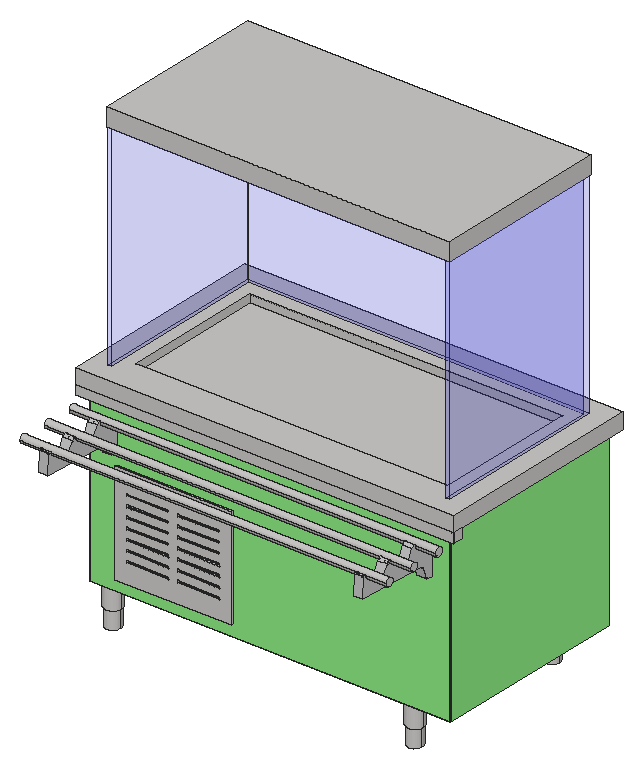
Revit family "QF_BOURGEAT_3GN_et4GN_vitrine_refrigeree_3nv", category Equipement spécialisé, Revit 2015
Parameters (values of type "3GN_reserve_cuve_30")
  reserve = yes
  lg_vitrine = Longueur hors tout - 135 mm  # 1330 mm
  lg_porte_groupe_froid = 569 mm
  lg_etageres = Longueur hors tout - 237 mm - 687 mm  # 541 mm
  cuve_plate = yes
  URL catalogue = "http://www.bourgeat.fr/fr/"
  URL = ""
  Type de Raccord Electrique = ""
  Type article = ""
  Type Fluide Frigorigène = "R404a"
  Tension = 230 V
  Spécification du Fabricant = "vitrine réfrigérée 3 niveaux OASIS"
  Roues = no
  Remarques Electricité = ""
  Puissance électrique  = 2200 W
  Puissance frigorifique = "1440W"
  Profondeur hors tout = 820 mm
  Poids net à vide = 315.00 kg
  Pieds = yes
  Phase = 2
  profondeur_cuve = 30 mm
  Niveau Sonore = "60dBa"
  Nature isolant = "polyurethane"
  Modèle = "853603"
  Longueur hors tout = 1465 mm
  Intensité nominale = 10 A
  Indice de protection = "21"
  Hauteur hors tout = 1800 mm
  Fréquence = 50 Hz
  Fabricant = "BOURGEAT"
  Etageres = no
  Contact SAV = "0033(0)4.76.32.14.44"
  Classe Climatique = "3"
  Charge_gaz = ""
  Charge max = 200.00 kg
  Certification = "NF alimentaire"
Reference planes
  plane 1 "Centre (avant/arrière)": y = 0
  plane 2: z = 0
  plane 3 "Centre (gauche/droite)": x = 0
  plane 4: z = 640
  plane 5: x = -100
  plane 6: y = 715
  plane 7: y = 50
  plane 8: z = 515
  plane 9: z = 235
  plane 10: z = 250
  plane 11: z = 808
  plane 12: y = 535.5
Forms (mm)
  Extrusion 1, solid
    sketch origin (0, 0, 0) x (1, 0, 0) y (0, 1, 0)
      loop
        circle (-1250.5, 535.5) r 10
    from 156.572 to 160
Lines and regions (mm)
  symbolic lines
    curve 1: line (-126.5, 818, 0) -> (-126.5, 1554, 0)
    curve 2: arc (-862.5, 818, 0) -> (-646.931, 1338.431, 0) -> (-126.5, 1554, 0) r 736
Dimensions and locks
  plane 4 to plane 2 = 640 mm
  locked: nested 1 to plane 6 at 50
  locked: nested 1 to plane 7 at 50
  locked: plane 5 to plane 3 "Centre (gauche/droite)" at 100
  locked: plane 9 to plane 2 at 235
  locked: plane 8 to plane 2 at 515
  locked: plane 10 to plane 2 at 250
  locked: plane 11 to nested 3 at 32
  locked: nested 1 to nested 9 at 63
  locked: nested 10 to nested 9 at 50
  locked: nested 15 to plane 2 at 205
  locked: nested 3 to plane 12 at 257
  nested 1 to nested 15 = 25 mm
  locked: nested 1 to nested 15 at 25
  aligned and locked: level to plane 2
  aligned and locked: nested 1 to nested 2
  aligned and locked: nested 2 to nested 1
  aligned and locked: nested 3 to nested 1
  aligned and locked: nested 1 to nested 3
  aligned and locked: plane 1 "Centre (avant/arrière)" to nested 1
  aligned and locked: nested 3 to nested 2
  aligned and locked: nested 2 to nested 4
  aligned and locked: nested 4 to nested 1
  aligned and locked: nested 5 to plane 2
  aligned and locked: nested 6 to plane 2
  aligned and locked: nested 7 to plane 2
  aligned and locked: nested 8 to plane 2
  aligned and locked: plane 4 to nested 4
  aligned and locked: nested 2 to nested 3
  aligned and locked: nested 5 to plane 6
  aligned and locked: nested 6 to plane 7
  aligned and locked: nested 7 to plane 6
  aligned and locked: plane 5 to nested 7
  aligned and locked: plane 5 to nested 8
  aligned and locked: nested 8 to plane 7
  aligned and locked: nested 4 to plane 1 "Centre (avant/arrière)"
  aligned and locked: nested 2 to nested 5
  aligned and locked: nested 6 to nested 2
  aligned and locked: plane 11 to nested 9
  aligned and locked: nested 1 to nested 9
  aligned and locked: nested 10 to nested 9
  aligned and locked: nested 13 to nested 5
  aligned and locked: nested 6 to nested 13
  aligned and locked: nested 5 to nested 14  (x2)
  aligned and locked: nested 8 to nested 12  (x2)
  aligned and locked: nested 7 to nested 11  (x2)
  aligned and locked: nested 15 to nested 1
  aligned and locked: plane 12 to Extrusion 1 sketch curve
  aligned and locked: nested 1 to Extrusion 1 sketch curve
  aligned and locked: nested 16 to nested 4
  aligned and locked: nested 1 to nested 16
  aligned and locked: nested 15 to nested 16
  aligned and locked: nested 18 to nested 1  (x2)
  aligned and locked: nested 17 to nested 18
  aligned and locked: nested 17 to plane 8
  aligned and locked: nested 18 to plane 10
  aligned and locked: nested 1 to nested 17
  aligned and locked: nested 19 to nested 1  (x3)
Nested families
  nested 1: "corps_meuble" at (76.5, 0, 160), type "corps_meuble"
  nested 2: "Ensemble_vitrine" at (-622, 382.5, 900), type "Ensemble_vitrine"
  nested 3: "cuve" at (-622, 382.5, 808), type "cuve_air"
    with profondeur_cuve 30 mm, lg_cuve 1465 mm
  nested 4: "barre_et_console" at (-622, 0, 465) x (-1, 0, 0) z (0, 0, 1), type "barre_et_console"
  nested 5: "pied" at (-1271, 715, 0), visible <- "Pieds", type "pied"
  nested 6: "pied" at (-1271, 50, 0), visible <- "Pieds", type "pied"
  nested 7: "pied" at (-100, 715, 0), visible <- "Pieds", type "pied"
  nested 8: "pied" at (-100, 50, 0), visible <- "Pieds", type "pied"
  nested 9: "IHM" at (-1163, 765, 770) x (-1, 0, 0) z (0, 0, 1), type "IHM"
  nested 10: "IHM" at (-924, 765, 770) x (-1, 0, 0) z (0, 0, 1), visible <- "reserve", type "IHM"
  nested 11: "roue_ht160" at (-100, 715, 0), visible <- "Roues", type "roue_ht160"
    with Sans frein yes, Avec frein no
  nested 12: "roue_ht160" at (-100, 50, 0), visible <- "Roues", type "roue_ht160"
    with Sans frein yes, Avec frein yes
  nested 13: "roue_ht160" at (-1271, 50, 0), visible <- "Roues", type "roue_ht160"
    with Sans frein yes, Avec frein yes
  nested 14: "roue_ht160" at (-1271, 715, 0), visible <- "Roues", type "roue_ht160"
    with Sans frein yes, Avec frein no
  nested 15: "porte_groupe_froid" at (-1011, 775, 35), type "lg790"
    with lg_porte_groupe_froid 569 mm
  nested 16: "grille_condenseur" at (-989.5, 0, -11), type "grille_condenseur"
  nested 17: "etagere" at (-397, 80, 477) x (-1, 0, 0) z (0, 0, 1), type "etagere"
    with lg_etagere 541 mm
  nested 18: "etagere" at (-397, 80, 212) x (-1, 0, 0) z (0, 0, 1), type "etagere"
    with lg_etagere 541 mm
  nested 19: "porte_simple" at (-397, 818, 14), visible <- "reserve", type "porte_simple"
    with lg_porte 541 mm
Connectors
  electrical at (-1250.5, 535.5, 156.572), driven by "Tension"
    settings: on Extrusion 1, index 1, voltage 230 V, apparent load 0 VA, apparent load phase1 2300 VA, apparent load phase2 0 VA, apparent load phase3 0 VA, power factor 1, load classification "Autre", number of poles 2, system type 30, power factor state 1, is connector primary yes, connector utility no, sub classification motor no, connector description ""
Definition of nested family "corps_meuble"
  Parameters (values of type "corps_meuble")
    lg_ouverture_cuve = lg_meuble - 200 mm  # 1197 mm
    lg_meuble = Largeur_hors_tout - 68 mm  # 1397 mm
    larg_etagere = lg_meuble - 653 mm - 203 mm  # 541 mm
    Largeur_hors_tout = 1465 mm
  Reference planes
    plane 1 "Centre (avant/arrière)": y = 0
    plane 2: z = 0
    plane 3 "Centre (gauche/droite)": x = 0
    plane 4: z = 680
    plane 5: x = -698.5
    plane 6: x = 0
    plane 7: x = -1397
    plane 8: x = -1327
    plane 9: x = -70
    plane 10: x = -744
    plane 11: x = -203
    plane 12: y = 382.5
    plane 13: x = -1398
    plane 14: y = -1
    plane 15: x = 1
  Forms (mm)
    Extrusion 1, solid
      sketch origin (0, -50.814, 0) x (1, 0, 0) y (0, 1, 0)
        loop
          line (-1397, 815.814) -> (-1397, 50.814) -> (0, 50.814) -> (0, 815.814) -> (-203, 815.814) -> (-203, 130.814) -> (-744, 130.814) -> (-744, 815.814) -> (-1397, 815.814)
      from 0 to 680
    Extrusion 2, void
      sketch origin (0, 0, 0) x (1, 0, 0) y (0, 1, 0)
        loop
          line (-1327, 739.99) -> (-1327, 59.99) -> (-70, 59.99) -> (-70, 739.99) -> (-1327, 739.99)
      from 611.642 to 680
    Extrusion 3, solid
      sketch origin (0, 0, 0) x (1, 0, 0) y (0, 1, 0)
        loop
          line (1, -1) -> (1, 0) -> (-1398, 0) -> (-1398, -1) -> (1, -1)
      from 0 to 680
    Extrusion 4, solid
      sketch origin (0, 0, 0) x (1, 0, 0) y (0, 1, 0)
        loop
          line (-1397, 765) -> (-1398, 765) -> (-1398, 0) -> (-1397, 0) -> (-1397, 765)
        loop
          line (0, 765) -> (0, 0) -> (1, 0) -> (1, 765) -> (0, 765)
      from 0 to 680
  Cuts and joins
    Extrusion 2 cuts Extrusion 1
  Dimensions and locks
    locked: plane 4 to plane 2 at 680
    locked: plane 7 to plane 8 at 70
    "lg_meuble": plane 7 to plane 3 "Centre (gauche/droite)"
    equal spacing: plane 7, plane 5, plane 3 "Centre (gauche/droite)"
    locked: plane 11 to plane 3 "Centre (gauche/droite)" at 203
    locked: plane 9 to plane 3 "Centre (gauche/droite)" at 70
    "larg_etagere": plane 10 to plane 11
    plane 7 to plane 10 = 653 mm
    locked: plane 13 to plane 7 at 1
    aligned and locked: level to plane 2
    aligned and locked: Extrusion 1 sketch curve to Extrusion 1 sketch curve
    aligned and locked: plane 4 to Extrusion 1
    aligned and locked: plane 3 "Centre (gauche/droite)" to plane 6
    aligned and locked: plane 9 to Extrusion 2
    aligned and locked: plane 3 "Centre (gauche/droite)" to cut or joined group of Extrusion 1, Extrusion 2
    aligned and locked: cut or joined group of Extrusion 1, Extrusion 2 to plane 7
    aligned and locked: cut or joined group of Extrusion 1, Extrusion 2 to plane 8
    aligned and locked: plane 10 to cut or joined group of Extrusion 1, Extrusion 2
    aligned and locked: cut or joined group of Extrusion 1, Extrusion 2 to plane 11
    aligned and locked: nested 1 to cut or joined group of Extrusion 1, Extrusion 2
    aligned and locked: plane 11 to nested 1
    aligned and locked: plane 4 to nested 1
    aligned and locked: plane 14 to Extrusion 3 sketch curve
    aligned and locked: Extrusion 3 sketch curve to cut or joined group of Extrusion 1, Extrusion 2
    aligned and locked: cut or joined group of Extrusion 1, Extrusion 2 to Extrusion 3
    aligned and locked: Extrusion 3 to cut or joined group of Extrusion 1, Extrusion 2
    aligned and locked: plane 15 to Extrusion 3 sketch curve
    aligned and locked: Extrusion 3 sketch curve to plane 13
    aligned and locked: Extrusion 4 sketch curve to cut or joined group of Extrusion 1, Extrusion 2  (x3)
    aligned and locked: Extrusion 4 sketch curve to Extrusion 3  (x4)
    aligned and locked: cut or joined group of Extrusion 1, Extrusion 2 to Extrusion 4 sketch curve
    aligned and locked: plane 7 to Extrusion 4  (x2)
  Automatic sketch dimensions
    Extrusion 1 sketch curve to plane 1 "Centre (avant/arrière)" = 0 mm
    Extrusion 1 sketch curve to Extrusion 1 sketch curve = 685 mm
    Extrusion 1 sketch curve to plane 3 "Centre (gauche/droite)" = 0 mm
    Extrusion 1 sketch curve to plane 5 = 45.5 mm
    Extrusion 1 sketch curve to plane 5 = 698.5 mm
    Extrusion 1 sketch curve to plane 1 "Centre (avant/arrière)" = 80 mm
    Extrusion 1 sketch curve to Extrusion 1 sketch curve = 765 mm
    Extrusion 1 sketch curve to plane 9 = 133 mm
    Extrusion 2 sketch curve to plane 8 = 0 mm
    Extrusion 2 sketch curve to plane 9 = 0 mm
    Extrusion 2 sketch curve to plane 1 "Centre (avant/arrière)" = 59.99 mm
    plane 12 to Extrusion 2 sketch curve = 357.49 mm
  Nested families
    nested 1: "bandeau_h228" at (-473.5, 760, 597), type "bandeau_h228"
  Definition of nested family "bandeau_h228"
    Parameters (values of type "bandeau_h228")
      lg_bandeau = 541 mm
    Reference planes
      plane 1 "Centre (avant/arrière)": y = 0
      plane 2: z = 0
      plane 3 "Centre (gauche/droite)": x = 0
      plane 4: x = -270.5
      plane 5: x = 270.5
      plane 6: y = 5
      plane 7: z = 83
    Forms (mm)
      Extrusion 1, solid
        sketch origin (476, 10, 0) x (1, 0, 0) y (0, 1, 0)
          loop
            line (-746.5, -10) -> (-205.5, -10) -> (-205.5, -5) -> (-746.5, -5) -> (-746.5, -10)
        from 0 to 83
    Dimensions and locks
      locked: plane 7 to plane 2 at 83
      locked: plane 1 "Centre (avant/arrière)" to plane 6 at 5
      "lg_bandeau": plane 4 to plane 5
      equal spacing: plane 4, plane 3 "Centre (gauche/droite)", plane 5
      aligned and locked: level to plane 2
      aligned and locked: Extrusion 1 to plane 4
      aligned and locked: plane 5 to Extrusion 1
      aligned and locked: Extrusion 1 to plane 6
      aligned and locked: plane 7 to Extrusion 1
      aligned and locked: plane 1 "Centre (avant/arrière)" to Extrusion 1
    Automatic sketch dimensions
      Extrusion 1 sketch curve to plane 4 = 0 mm
      Extrusion 1 sketch curve to plane 5 = 0 mm
      plane 1 "Centre (avant/arrière)" to Extrusion 1 sketch curve = 0 mm
      Extrusion 1 sketch curve to plane 6 = 0 mm
Definition of nested family "Ensemble_vitrine"
  Parameters (values of type "Ensemble_vitrine")
    lg_vitrine = lg_dessus_vitrine - 4 mm  # 1326 mm
    lg_dessus_vitrine = 1330 mm
  Reference planes
    plane 1 "Centre (avant/arrière)": y = 0
    plane 2: z = 0
    plane 3 "Centre (gauche/droite)": x = 0
    plane 4: x = 665
    plane 5: x = -665
    plane 6: z = 900
  Dimensions and locks
    "lg_dessus_vitrine": plane 5 to plane 4
    equal spacing: plane 5, plane 3 "Centre (gauche/droite)", plane 4
    plane 6 to plane 2 = 900 mm
    aligned and locked: level to plane 2
    aligned and locked: plane 3 "Centre (gauche/droite)" to nested 1
    aligned and locked: plane 3 "Centre (gauche/droite)" to nested 2
    aligned and locked: nested 2 to nested 1
    aligned and locked: nested 1 to plane 2
    aligned and locked: plane 6 to nested 2
  Nested families
    nested 1: "Vitrine" at (0, 0, 0), type "Vitrine"
      with lg_vitrine 1326 mm
    nested 2: "Dessus" at (0, 0, 830), type "Dessus"
  Definition of nested family "Vitrine"
    Parameters (values of type "Vitrine")
      lg_vitrine = 2496 mm
    Reference planes
      plane 1 "Centre (avant/arrière)": y = 0
      plane 2: z = 0
      plane 3 "Centre (gauche/droite)": x = 0
      plane 4: y = 340
      plane 5: y = -340
      plane 6: x = 1248
      plane 7: x = -1248
      plane 8: x = 1234
      plane 9: x = -1234
      plane 10: y = 326
      plane 11: z = 830
    Forms (mm)
      Extrusion 1, solid
        sketch origin (0, 0, 0) x (1, 0, 0) y (0, 1, 0)
          loop
            line (-1234, -340) -> (-1234, 326) -> (1234, 326) -> (1234, -340) -> (1248, -340) -> (1248, 340) -> (-1248, 340) -> (-1248, -340) -> (-1234, -340)
        from 0 to 830
    Dimensions and locks
      locked: plane 7 to plane 9 at 14
      locked: plane 4 to plane 10 at 14
      locked: plane 8 to plane 6 at 14
      equal spacing: plane 7, plane 3 "Centre (gauche/droite)", plane 6
      "lg_vitrine": plane 7 to plane 6
      equal spacing: plane 4, plane 1 "Centre (avant/arrière)", plane 5
      plane 4 to plane 5 = 680 mm
      plane 11 to plane 2 = 830 mm
      aligned and locked: level to plane 2
      aligned and locked: plane 9 to Extrusion 1 sketch curve  (x2)
      aligned and locked: Extrusion 1 sketch curve to plane 5  (x2)
      aligned and locked: Extrusion 1 sketch curve to plane 7
      aligned and locked: Extrusion 1 sketch curve to plane 4
      aligned and locked: Extrusion 1 sketch curve to plane 6
      aligned and locked: plane 8 to Extrusion 1 sketch curve
      aligned and locked: Extrusion 1 sketch curve to plane 10
      aligned and locked: plane 11 to Extrusion 1
  Definition of nested family "Dessus"
    Parameters (values of type "Dessus")
      lg_dessus_vitrine = 1330 mm
    Reference planes
      plane 1 "Centre (avant/arrière)": y = 0
      plane 2: z = 0
      plane 3 "Centre (gauche/droite)": x = 0
      plane 4: x = 665
      plane 5: x = -665
      plane 6: z = 70
    Forms (mm)
      Extrusion 1, solid
        sketch origin (0, 0, 0) x (1, 0, 0) y (0, 1, 0)
          loop
            line (-665, 342.5) -> (-665, -342.5) -> (665, -342.5) -> (665, 342.5) -> (-665, 342.5)
        from 0 to 70
    Dimensions and locks
      equal spacing: plane 5, plane 3 "Centre (gauche/droite)", plane 4
      plane 6 to plane 2 = 70 mm
      "lg_dessus_vitrine": plane 5 to plane 4
      aligned and locked: level to plane 2
      aligned and locked: plane 6 to Extrusion 1
    Automatic sketch dimensions
      Extrusion 1 sketch curve to plane 5 = 0 mm
      Extrusion 1 sketch curve to plane 4 = 0 mm
      Extrusion 1 sketch curve to plane 1 "Centre (avant/arrière)" = 342.5 mm
      plane 1 "Centre (avant/arrière)" to Extrusion 1 sketch curve = 342.5 mm
Definition of nested family "cuve"
  Parameters (values of type "cuve_30")
    profondeur_cuve = 90 mm
    lg_cuve = 2184 mm
  Reference planes
    plane 1 "Centre (avant/arrière)": y = 0
    plane 2: z = 0
    plane 3 "Centre (gauche/droite)": x = 0
    plane 4: y = 410
    plane 5: y = -410
    plane 6: x = -1092
    plane 7: x = 1092
    plane 8: z = 92
    plane 9: y = 277
    plane 10: y = -277
    plane 11: x = 965
    plane 12: x = -965
    plane 13: z = 2
    plane 14: y = -279
    plane 15: x = -967
    plane 16: y = 279
    plane 17: x = 967
    plane 18: z = 32
    plane 19: y = -408
    plane 20: z = 82
    plane 21: z = -4
  Forms (mm)
    Extrusion 1, solid
      sketch origin (12, -10, 0) x (1, 0, 0) y (0, 1, 0)
        loop
          line (-1104, 420) -> (-1104, -400) -> (1080, -400) -> (1080, 420) -> (-1104, 420)
      from 0 to 92
    Extrusion 2, void
      sketch origin (0, 0, 0) x (1, 0, 0) y (0, 1, 0)
        loop
          line (-965, 277) -> (-965, -277) -> (965, -277) -> (965, 277) -> (-965, 277)
      from 2 to 250
    Extrusion 3, void
      sketch origin (0, 0, 0) x (1, 0, 0) y (0, 1, 0)
        loop
          line (-967, 279) -> (-967, -279) -> (967, -279) -> (967, 279) -> (-967, 279)
        loop
          line (-1162, 480) -> (-1162, -480) -> (1162, -480) -> (1162, 480) -> (-1162, 480)
      from 0 to 32
    Extrusion 4, solid
      sketch origin (0, 0, 0) x (1, 0, 0) y (0, 1, 0)
        loop
          line (-1092, -408) -> (-1092, -410) -> (1092, -410) -> (1092, -408) -> (-1092, -408)
      from -4 to 32
    Extrusion 5, solid
      sketch origin (0, 0, 0) x (0, 1, 0) y (0, 0, 1)
        loop
          line (-408, -4) -> (-370, -4) -> (-370, 32) -> (-408, 32) -> (-408, -4)
      from -1092 to 1092
  Cuts and joins
    Extrusion 2, Extrusion 3 cuts Extrusion 1
  Dimensions and locks
    equal spacing: plane 4, plane 1 "Centre (avant/arrière)", plane 5, locked at 410 each
    plane 4 to plane 5 = 820 mm
    equal spacing: plane 6, plane 3 "Centre (gauche/droite)", plane 7
    "lg_cuve": plane 6 to plane 7
    plane 8 to plane 2 = 92 mm
    locked: plane 5 to plane 10 at 133
    locked: plane 4 to plane 9 at 133
    locked: plane 11 to plane 7 at 127
    locked: plane 6 to plane 12 at 127
    locked: plane 16 to plane 9 at 2
    locked: plane 15 to plane 12 at 2
    locked: plane 14 to plane 10 at 2
    locked: plane 11 to plane 17 at 2
    locked: Extrusion 3 sketch curve to plane 6 at 70
    locked: Extrusion 3 sketch curve to plane 5 at 70
    locked: plane 7 to Extrusion 3 sketch curve at 70
    locked: Extrusion 3 sketch curve to plane 4 at 70
    locked: plane 8 to plane 18 at 60
    locked: plane 5 to plane 19 at 2
    locked: plane 21 to plane 18 at 36
    locked: cut or joined group of Extrusion 1, Extrusion 2, Extrusion 3 to cut or joined group of Extrusion 1, Extrusion 2, Extrusion 3 at 554
    "profondeur_cuve": plane 8 to plane 13
    aligned and locked: plane 2 to level
    aligned and locked: plane 6 to Extrusion 1 sketch curve
    aligned and locked: Extrusion 1 sketch curve to plane 7
    aligned and locked: plane 8 to Extrusion 1
    aligned and locked: plane 4 to Extrusion 1
    aligned and locked: plane 5 to Extrusion 1
    aligned and locked: Extrusion 2 sketch curve to plane 9
    aligned and locked: Extrusion 2 sketch curve to plane 12
    aligned and locked: Extrusion 2 sketch curve to plane 10
    aligned and locked: Extrusion 2 sketch curve to plane 11
    aligned and locked: cut or joined group of Extrusion 1, Extrusion 2, Extrusion 3 to plane 13
    aligned and locked: Extrusion 3 sketch curve to plane 16
    aligned and locked: Extrusion 3 sketch curve to plane 15
    aligned and locked: Extrusion 3 sketch curve to plane 14
    aligned and locked: Extrusion 3 sketch curve to plane 17
    aligned and locked: cut or joined group of Extrusion 1, Extrusion 2, Extrusion 3 to plane 18
    aligned and locked: Extrusion 4 sketch curve to plane 19
    aligned and locked: plane 6 to Extrusion 4 sketch curve
    aligned and locked: Extrusion 4 sketch curve to cut or joined group of Extrusion 1, Extrusion 2, Extrusion 3  (x2)
    aligned and locked: cut or joined group of Extrusion 1, Extrusion 2, Extrusion 3 to Extrusion 4
    aligned and locked: plane 18 to Extrusion 5 sketch curve
    aligned and locked: Extrusion 4 to Extrusion 5 sketch curve
    aligned and locked: cut or joined group of Extrusion 1, Extrusion 2, Extrusion 3 to Extrusion 5
    aligned and locked: Extrusion 5 to cut or joined group of Extrusion 1, Extrusion 2, Extrusion 3
    aligned and locked: plane 21 to Extrusion 5 sketch curve
    aligned and locked: Extrusion 4 to Extrusion 5
  Automatic sketch dimensions
    Extrusion 1 sketch curve to plane 5 = 0 mm
    plane 4 to Extrusion 1 sketch curve = 0 mm
    Extrusion 5 sketch curve to plane 5 = 2 mm
    Extrusion 5 sketch curve to Extrusion 5 sketch curve = 38 mm
Definition of nested family "barre_et_console"
  Parameters (values of type "barre_et_console")
    lg_ht = 1465 mm
    lg_barre_console = lg_ht - 44 mm  # 1421 mm
  Reference planes
    plane 1 "Centre (avant/arrière)": y = 0
    plane 2: z = 0
    plane 3 "Centre (gauche/droite)": x = 0
    plane 4: x = -710.5
    plane 5: x = 710.5
    plane 6: x = -610.5
    plane 7: x = 610.5
    plane 8: z = 320.378
    plane 9: z = 175
  Dimensions and locks
    locked: plane 4 to plane 6 at 100
    locked: plane 7 to plane 5 at 100
    equal spacing: plane 4, plane 3 "Centre (gauche/droite)", plane 5
    "lg_barre_console": plane 4 to plane 5
    aligned and locked: level to plane 2
    aligned and locked: nested 1 to plane 1 "Centre (avant/arrière)"
    aligned and locked: plane 6 to nested 1
    aligned and locked: plane 7 to nested 2
    aligned and locked: plane 5 to nested 3
    aligned and locked: nested 3 to plane 4
    aligned and locked: plane 8 to nested 3
    aligned and locked: plane 9 to nested 1
  Nested families
    nested 1: "console" at (-610.5, 0, 0) x (0, 1, 0) z (0, 0, 1), type "console"
    nested 2: "console" at (610.5, 0, 0) x (0, 1, 0) z (0, 0, 1), type "console"
    nested 3: "barre" at (710.5, 0, 19.415) x (0, 1, 0) z (0, 0, 1), type "barre"
  Definition of nested family "console"
    Reference planes
      plane 1 "Centre (avant/arrière)": y = 0
      plane 2: z = 0
      plane 3 "Centre (gauche/droite)": x = 0
      plane 4: y = 18
      plane 5: y = -18
      plane 6: y = 0
    Forms (mm)
      Extrusion 1, solid
        sketch origin (-12.245, 0, 175) x (1, 0, 0) y (0, 0, 1)
          loop
            line (12.245, 100) -> (12.245, 0) -> (39.579, 4.82) -> (50.894, 44.279)
            arc (50.894, 44.279) -> (55.986, 52.254) -> (64.592, 56.187) r 16.714
            line (64.592, 56.187) -> (348.499, 69.146) -> (343.309, 143.358)
            arc (343.309, 143.358) -> (342.973, 144.595) -> (342.189, 145.609) r 3.292
            line (342.189, 145.609) -> (337.923, 148.439)
            arc (337.923, 148.439) -> (337.371, 148.545) -> (336.906, 148.229) r 0.731
            arc (336.906, 148.229) -> (320.176, 130.386) -> (309.012, 152.149) r 14.958
            arc (309.012, 152.149) -> (308.597, 152.587) -> (308.001, 152.491) r 0.646
            line (308.001, 152.491) -> (297.265, 144.401) -> (278.874, 108.385)
            arc (278.874, 108.385) -> (262.102, 99.164) -> (245.329, 108.385) r 19.864
            line (245.329, 108.385) -> (229.634, 139.188) -> (217.945, 148.321)
            arc (217.945, 148.321) -> (217.306, 148.53) -> (216.976, 147.944) r 0.53
            arc (216.976, 147.944) -> (200.124, 130.629) -> (188.973, 152.064) r 14.905
            arc (188.973, 152.064) -> (188.691, 152.524) -> (188.154, 152.476) r 0.511
            line (188.154, 152.476) -> (177.098, 144.144) -> (158.855, 108.341)
            arc (158.855, 108.341) -> (142.039, 98.901) -> (125.223, 108.341) r 19.698
            line (125.223, 108.341) -> (109.334, 139.526) -> (97.932, 148.434)
            arc (97.932, 148.434) -> (97.187, 148.438) -> (96.994, 147.718) r 0.61
            arc (96.994, 147.718) -> (79.923, 130.663) -> (69.024, 152.192) r 14.902
            arc (69.024, 152.192) -> (68.66, 152.548) -> (68.158, 152.464) r 0.563
            line (68.158, 152.464) -> (57.103, 144.336) -> (39.164, 108.745)
            arc (39.164, 108.745) -> (33.443, 102.448) -> (25.295, 100) r 15.908
            line (25.295, 100) -> (12.245, 100)
        from -18 to 18
    Dimensions and locks
      plane 4 to plane 5 = 36 mm
      equal spacing: plane 4, plane 6, plane 5, locked at 18 each
      aligned and locked: level to plane 2
      aligned and locked: plane 4 to Extrusion 1
      aligned and locked: Extrusion 1 to plane 5
      aligned and locked: plane 6 to plane 1 "Centre (avant/arrière)"
      aligned and locked: Extrusion 1 to plane 3 "Centre (gauche/droite)"
    Automatic sketch dimensions
      Extrusion 1 sketch curve to Extrusion 1 sketch curve = 12.714 mm
      Extrusion 1 sketch curve to Extrusion 1 sketch curve = 13.05 mm
      Extrusion 1 sketch curve to Extrusion 1 sketch curve = 14.206 mm
      Extrusion 1 sketch curve to Extrusion 1 sketch curve = 27.334 mm
      Extrusion 1 sketch curve to Extrusion 1 sketch curve = 11.315 mm
      Extrusion 1 sketch curve to Extrusion 1 sketch curve = 17.938 mm
      Extrusion 1 sketch curve to Extrusion 1 sketch curve = 13.698 mm
      Extrusion 1 sketch curve to Extrusion 1 sketch curve = 16.057 mm
      Extrusion 1 sketch curve to Extrusion 1 sketch curve = 11.055 mm
      Extrusion 1 sketch curve to Extrusion 1 sketch curve = 0.333 mm
      Extrusion 1 sketch curve to Extrusion 1 sketch curve = 13.785 mm
      Extrusion 1 sketch curve to Extrusion 1 sketch curve = 15.28 mm
      Extrusion 1 sketch curve to Extrusion 1 sketch curve = 0.376 mm
      Extrusion 1 sketch curve to Extrusion 1 sketch curve = 11.401 mm
      Extrusion 1 sketch curve to Extrusion 1 sketch curve = 15.89 mm
      Extrusion 1 sketch curve to Extrusion 1 sketch curve = 16.816 mm  (x2)
      Extrusion 1 sketch curve to Extrusion 1 sketch curve = 18.243 mm
      Extrusion 1 sketch curve to Extrusion 1 sketch curve = 11.057 mm
      Extrusion 1 sketch curve to Extrusion 1 sketch curve = 0.308 mm
      Extrusion 1 sketch curve to Extrusion 1 sketch curve = 13.831 mm
      Extrusion 1 sketch curve to Extrusion 1 sketch curve = 15.204 mm
      Extrusion 1 sketch curve to Extrusion 1 sketch curve = 0.447 mm
      Extrusion 1 sketch curve to Extrusion 1 sketch curve = 11.69 mm
      Extrusion 1 sketch curve to Extrusion 1 sketch curve = 15.695 mm
      Extrusion 1 sketch curve to Extrusion 1 sketch curve = 16.772 mm  (x2)
      Extrusion 1 sketch curve to Extrusion 1 sketch curve = 18.391 mm
      Extrusion 1 sketch curve to Extrusion 1 sketch curve = 10.737 mm
      Extrusion 1 sketch curve to Extrusion 1 sketch curve = 0.389 mm
      Extrusion 1 sketch curve to Extrusion 1 sketch curve = 13.868 mm
      Extrusion 1 sketch curve to Extrusion 1 sketch curve = 15.261 mm
      Extrusion 1 sketch curve to Extrusion 1 sketch curve = 0.404 mm
      Extrusion 1 sketch curve to Extrusion 1 sketch curve = 2.506 mm
      Extrusion 1 sketch curve to Extrusion 1 sketch curve = 2.164 mm
      Extrusion 1 sketch curve to Extrusion 1 sketch curve = 1.12 mm
      Extrusion 1 sketch curve to Extrusion 1 sketch curve = 5.189 mm
      Extrusion 1 sketch curve to Extrusion 1 sketch curve = 4.639 mm
      Extrusion 1 sketch curve to Extrusion 1 sketch curve = 55.721 mm
      Extrusion 1 sketch curve to Extrusion 1 sketch curve = 8.745 mm
      Extrusion 1 sketch curve to Extrusion 1 sketch curve = 10.259 mm
      Extrusion 1 sketch curve to Extrusion 1 sketch curve = 10.642 mm
      Extrusion 1 sketch curve to Extrusion 1 sketch curve = 9.133 mm
      Extrusion 1 sketch curve to Extrusion 1 sketch curve = 31.185 mm
      Extrusion 1 sketch curve to Extrusion 1 sketch curve = 35.803 mm
      Extrusion 1 sketch curve to Extrusion 1 sketch curve = 35.592 mm
      Extrusion 1 sketch curve to Extrusion 1 sketch curve = 3.24 mm
      Extrusion 1 sketch curve to Extrusion 1 sketch curve = 2.946 mm
      Extrusion 1 sketch curve to Extrusion 1 sketch curve = 1.042 mm
      Extrusion 1 sketch curve to Extrusion 1 sketch curve = 0.609 mm
      Extrusion 1 sketch curve to Extrusion 1 sketch curve = 8.427 mm
      Extrusion 1 sketch curve to Extrusion 1 sketch curve = 0.286 mm
      Extrusion 1 sketch curve to Extrusion 1 sketch curve = 0.481 mm
      Extrusion 1 sketch curve to Extrusion 1 sketch curve = 0.516 mm
      Extrusion 1 sketch curve to Extrusion 1 sketch curve = 7.674 mm
      Extrusion 1 sketch curve to Extrusion 1 sketch curve = 7.924 mm
      Extrusion 1 sketch curve to Extrusion 1 sketch curve = 0.453 mm
      Extrusion 1 sketch curve to Extrusion 1 sketch curve = 0.408 mm
      Extrusion 1 sketch curve to Extrusion 1 sketch curve = 0.533 mm
      Extrusion 1 sketch curve to Extrusion 1 sketch curve = 0.511 mm
      Extrusion 1 sketch curve to Extrusion 1 sketch curve = 0.622 mm
      Extrusion 1 sketch curve to Extrusion 1 sketch curve = 4.82 mm
      Extrusion 1 sketch curve to Extrusion 1 sketch curve = 34.82 mm
      Extrusion 1 sketch curve to Extrusion 1 sketch curve = 76.232 mm
      Extrusion 1 sketch curve to Extrusion 1 sketch curve = 37.038 mm
      Extrusion 1 sketch curve to Extrusion 1 sketch curve = 39.239 mm
      Extrusion 1 sketch curve to Extrusion 1 sketch curve = 30.803 mm
      Extrusion 1 sketch curve to Extrusion 1 sketch curve = 34.743 mm
      Extrusion 1 sketch curve to Extrusion 1 sketch curve = 0.23 mm
      Extrusion 1 sketch curve to Extrusion 1 sketch curve = 36.015 mm
      Extrusion 1 sketch curve to Extrusion 1 sketch curve = 2.071 mm
      Extrusion 1 sketch curve to Extrusion 1 sketch curve = 7.575 mm
      Extrusion 1 sketch curve to plane 3 "Centre (gauche/droite)" = 0 mm
      level to Extrusion 1 sketch curve = 175 mm
  Definition of nested family "barre"
    Parameters (values of type "barre")
      lg_barre = 1421 mm
    Reference planes
      plane 1 "Centre (avant/arrière)": y = 0
      plane 2: z = 0
      plane 3 "Centre (gauche/droite)": x = 0
      plane 4: x = 70
      plane 5: x = 190
      plane 6: x = 309
      plane 7: z = 300.963
      plane 8: z = 94.658
      plane 9: y = 0
      plane 10: y = 1421
    Forms (mm)
      Extrusion 1, solid
        sketch origin (0, 0, 0) x (1, 0, 0) y (0, 0, 1)
          loop
            circle (70, 300.963) r 15
          loop
            circle (190, 300.963) r 15
          loop
            circle (309, 300.963) r 15
        from 0 to -1421
    Dimensions and locks
      plane 4 to plane 3 "Centre (gauche/droite)" = 70 mm
      plane 6 to plane 5 to plane 4 = 119 mm, 120 mm
      "lg_barre": plane 10 to plane 1 "Centre (avant/arrière)"
      aligned and locked: level to plane 2
      aligned and locked: Extrusion 1 to plane 9
      aligned and locked: plane 9 to plane 1 "Centre (avant/arrière)"
      aligned and locked: plane 10 to Extrusion 1
    Automatic sketch dimensions
      Extrusion 1 sketch curve to plane 4 = 0 mm
      Extrusion 1 sketch curve to plane 5 = 0 mm
      Extrusion 1 sketch curve to plane 6 = 0 mm
      Extrusion 1 sketch curve to plane 7 = 0 mm  (x3)
      radius of Extrusion 1 sketch curve = 15 mm  (x3)
Definition of nested family "pied"
  Reference planes
    plane 1 "Centre (avant/arrière)": y = 0
    plane 2: z = 0
    plane 3 "Centre (gauche/droite)": x = 0
  Forms (mm)
    Revolve 1, solid
      sketch origin (0, 0, 0) x (1, 0, 0) y (0, 0, 1)
        loop
          line (0, 160) -> (-33, 160) -> (-33, 70) -> (-28, 70) -> (-28, 0) -> (0, 0) -> (0, 160)
        axis (0, 160) -> (0, 0)
      angle from 0 to 360
  Dimensions and locks
    plane 3 "Centre (gauche/droite)" to Revolve 1 sketch curve = 28 mm
    Revolve 1 sketch curve to plane 3 "Centre (gauche/droite)" = 33 mm
    Revolve 1 sketch curve to plane 2 = 70 mm
    Revolve 1 sketch curve to Revolve 1 sketch curve = 90 mm
    aligned and locked: level to plane 2
Definition of nested family "IHM"
  Reference planes
    plane 1 "Centre (avant/arrière)": y = 0
    plane 2: z = 0
    plane 3 "Centre (gauche/droite)": x = 0
    plane 4: y = -10
    plane 5: y = -13
  Forms (mm)
    Extrusion 1, solid
      sketch origin (-374.736, 0, -402) x (1, 0, 0) y (0, 0, 1)
        loop
          line (280.236, 402) -> (469.236, 402) -> (469.236, 440) -> (280.236, 440) -> (280.236, 402)
      from 0 to 10
    Extrusion 2, solid
      sketch origin (0, 0, 0) x (1, 0, 0) y (0, 0, 1)
        loop
          line (-89.496, 32.01) -> (-89.496, 7.01) -> (90.504, 7.01) -> (90.504, 32.01) -> (-89.496, 32.01)
      from 10 to 13
  Dimensions and locks
    plane 4 to plane 1 "Centre (avant/arrière)" = 10 mm
    aligned and locked: level to plane 2
    aligned and locked: Extrusion 1 to plane 4
    aligned and locked: Extrusion 2 to plane 5
    aligned and locked: plane 4 to Extrusion 2
Definition of nested family "roue_ht160"
  Parameters (values of type "roue_ht160")
    Sans frein [instance] = yes
    Avec frein [instance] = yes
  Reference planes
    plane 1 "Centre (avant/arrière)": y = 0
    plane 2: z = 0
    plane 3 "Centre (gauche/droite)": x = 0
    plane 4: y = 40.851
    plane 5: z = 62.5
  Forms (mm)
    Extrusion 1, solid
      sketch origin (0, 0, 0) x (0, 1, 0) y (0, 0, 1)
        loop
          circle (40.851, 62.5) r 62.5
        loop
          circle (40.851, 62.5) r 57.5
      from -12.5 to 12.5
    Revolve 2, solid
      sketch origin (0, 0, 0) x (0, 1, 0) y (0, 0, 1)
        loop
          line (0, 160.21) -> (-20.149, 160.21) -> (-20.149, 159.41) -> (-21.6, 159.41)
          arc (-21.6, 159.41) -> (-24.448, 158.65) -> (-26.537, 156.572) r 5.712
          line (-26.537, 156.572) -> (-30.146, 147.743) -> (-26.999, 147.062) -> (-26.999, 146.112)
          arc (-26.999, 146.112) -> (-27.23, 145.314) -> (-27.849, 144.761) r 1.5
          arc (-27.849, 144.761) -> (-29.223, 143.633) -> (-29.923, 142) r 3.75
          line (-29.923, 142) -> (0, 142) -> (0, 160.21)
        axis (0, 160.21) -> (0, 142)
      angle from 0 to 360
    Extrusion 3, solid
      sketch origin (0, 0, 0) x (0, 1, 0) y (0, 0, -1)
        loop
          line (-29.974, -138.241) -> (-29.974, -142) -> (21.747, -142) -> (21.747, -60.336)
          arc (21.747, -60.336) -> (10.272, -70.702) -> (-0.149, -82.127) r 160.057
          arc (-0.149, -82.127) -> (-17.883, -108.684) -> (-29.974, -138.241) r 159.585
      from -24.913 to -23.038
    Extrusion 4, solid
      sketch origin (0, 0, 0) x (0, 1, 0) y (0, 0, 1)
        loop
          line (-29.974, 142) -> (-29.974, 140.869) -> (21.747, 140.869) -> (21.747, 142) -> (-29.974, 142)
      from -23.038 to 23.038
    Extrusion 5, solid
      sketch origin (0, 0, 0) x (0, 1, 0) y (0, 0, 1)
        loop
          circle (40.851, 62.5) r 57.5
        loop
          circle (40.851, 62.5) r 55
      from -12.5 to 12.5
    Extrusion 6, solid
      sketch origin (0, 0, 0) x (0, 1, 0) y (0, 0, 1)
        loop
          circle (40.851, 62.5) r 55
      from -7 to 7
    Extrusion 7, solid
      sketch origin (0, 0, 0) x (0, 1, 0) y (0, 0, 1)
        loop
          circle (40.851, 62.5) r 21
      from 7 to 15
    Extrusion 8, solid
      sketch origin (0, 0, 0) x (0, 1, 0) y (0, 0, -1)
        loop
          circle (40.851, -62.5) r 16
      from -23.038 to -15
    Extrusion 9, solid, visible <- "Sans frein"
      sketch origin (0, 0, 0) x (0, 1, 0) y (0, 0, 1)
        loop
          arc (21.747, 60.336) -> (23.188, 59.17) -> (24.642, 58.02) r 161.23
          arc (24.642, 58.02) -> (29.34, 54.513) -> (34.187, 51.216) r 133.333
          arc (34.187, 51.216) -> (46.517, 50.3) -> (53.927, 60.198) r 12.867
          arc (53.927, 60.198) -> (54.714, 99.183) -> (46.119, 137.216) r 161.222
          arc (46.119, 137.216) -> (45.679, 138.887) -> (45.531, 140.609) r 10.076
          line (45.531, 140.609) -> (45.531, 142) -> (21.747, 142) -> (21.747, 60.336)
      from 23.038 to 24.913
    Extrusion 10, solid, visible <- "Sans frein"
      sketch origin (0, 0, 0) x (0, 1, 0) y (0, 0, 1)
        loop
          line (21.747, 142) -> (21.747, 140.701) -> (48.851, 140.701) -> (48.851, 142) -> (21.747, 142)
      from -23.038 to 23.038
    Extrusion 11, solid, visible <- "Avec frein"
      sketch origin (0, 0, 0) x (0, 1, 0) y (0, 0, 1)
        loop
          line (21.747, 142) -> (21.747, 60.336)
          arc (21.747, 60.336) -> (23.177, 59.179) -> (24.62, 58.038) r 160.008
          arc (24.62, 58.038) -> (29.041, 54.705) -> (33.574, 51.527) r 160
          arc (33.574, 51.527) -> (46.135, 50.422) -> (53.724, 60.491) r 13
          arc (53.724, 60.491) -> (55.279, 82.092) -> (53.902, 103.704) r 160
          arc (53.902, 103.704) -> (55.53, 108.653) -> (60.415, 110.463) r 6
          arc (60.415, 110.463) -> (80.625, 109.924) -> (100.725, 112.107) r 150
          arc (100.725, 112.107) -> (104.408, 113.406) -> (107.479, 115.819) r 12
          line (107.479, 115.819) -> (110.851, 121.523)
          arc (110.851, 121.523) -> (85.913, 134.651) -> (58.706, 142) r 127.902
          line (58.706, 142) -> (21.747, 142)
      from 23.038 to 24.913
    Extrusion 12, solid, visible <- "Avec frein"
      sketch origin (0, 0, 0) x (0, 1, 0) y (0, 0, 1)
        loop
          line (58.706, 142) -> (21.747, 142) -> (21.747, 140) -> (58.552, 140)
          arc (58.552, 140) -> (85.253, 132.762) -> (109.73, 119.866) r 125.902
          line (109.73, 119.866) -> (110.851, 121.523)
          arc (110.851, 121.523) -> (85.913, 134.651) -> (58.706, 142) r 127.902
      from -23.038 to 23.038
    Extrusion 13, solid, visible <- "Avec frein"
      sketch origin (0, 19.896, 18.175) x (0, 1, 0) y (0, 0, 1)
        loop
          line (87.583, 97.644) -> (91.829, 95.227)
          arc (91.829, 95.227) -> (93.8, 95.006) -> (95.312, 96.29) r 2.5
          arc (95.312, 96.29) -> (103.495, 100.002) -> (111.176, 104.666) r 74.999
          line (111.176, 104.666) -> (110.852, 105.929)
          arc (110.852, 105.929) -> (110.04, 107.086) -> (108.666, 107.417) r 2
          arc (108.666, 107.417) -> (101.396, 105.849) -> (94.512, 103.034) r 42.354
          line (94.512, 103.034) -> (93.479, 101.228) -> (93.285, 100.414) -> (91.69, 101.675) -> (90.401, 102.412) -> (87.583, 97.644)
      from -23.038 to 23.038
    Extrusion 14, solid, not visible
      sketch origin (0, 0, 0) x (0, 1, 0) y (0, 0, -1)
        loop
          line (-29.974, -138.241) -> (-29.974, -142) -> (21.747, -142) -> (21.747, -60.336)
          arc (21.747, -60.336) -> (10.272, -70.702) -> (-0.149, -82.127) r 160.057
          arc (-0.149, -82.127) -> (-17.883, -108.684) -> (-29.974, -138.241) r 159.585
      from -24.913 to -23.038
    Extrusion 15, solid, not visible
      sketch origin (0, 0, 0) x (0, 1, 0) y (0, 0, 1)
        loop
          circle (40.851, 62.5) r 21
      from 7 to 15
    Extrusion 16, solid, not visible
      sketch origin (0, 0, 0) x (0, 1, 0) y (0, 0, -1)
        loop
          circle (40.851, -62.5) r 16
      from -23.038 to -15
    Extrusion 17, solid, visible <- "Sans frein", not visible
      sketch origin (0, 0, 0) x (0, 1, 0) y (0, 0, 1)
        loop
          arc (21.747, 60.336) -> (23.188, 59.17) -> (24.642, 58.02) r 161.23
          arc (24.642, 58.02) -> (29.34, 54.513) -> (34.187, 51.216) r 133.333
          arc (34.187, 51.216) -> (46.517, 50.3) -> (53.927, 60.198) r 12.867
          arc (53.927, 60.198) -> (54.714, 99.183) -> (46.119, 137.216) r 161.222
          arc (46.119, 137.216) -> (45.679, 138.887) -> (45.531, 140.609) r 10.076
          line (45.531, 140.609) -> (45.531, 142) -> (21.747, 142) -> (21.747, 60.336)
      from 23.038 to 24.913
    Extrusion 18, solid, visible <- "Avec frein", not visible
      sketch origin (0, 0, 0) x (0, 1, 0) y (0, 0, 1)
        loop
          line (21.747, 142) -> (21.747, 60.336)
          arc (21.747, 60.336) -> (23.177, 59.179) -> (24.62, 58.038) r 160.008
          arc (24.62, 58.038) -> (29.041, 54.705) -> (33.574, 51.527) r 160
          arc (33.574, 51.527) -> (46.135, 50.422) -> (53.724, 60.491) r 13
          arc (53.724, 60.491) -> (55.279, 82.092) -> (53.902, 103.704) r 160
          arc (53.902, 103.704) -> (55.53, 108.653) -> (60.415, 110.463) r 6
          arc (60.415, 110.463) -> (80.625, 109.924) -> (100.725, 112.107) r 150
          arc (100.725, 112.107) -> (104.408, 113.406) -> (107.479, 115.819) r 12
          line (107.479, 115.819) -> (110.851, 121.523)
          arc (110.851, 121.523) -> (85.913, 134.651) -> (58.706, 142) r 127.902
          line (58.706, 142) -> (21.747, 142)
      from 23.038 to 24.913
    Extrusion 19, solid
      sketch origin (0, 0, 0) x (0, -1, 0) y (0, 0, -1)
        loop
          arc (29.974, -138.241) -> (17.883, -108.684) -> (0.149, -82.127) r 159.585
          arc (0.149, -82.127) -> (-10.272, -70.702) -> (-21.747, -60.336) r 160.057
          line (-21.747, -60.336) -> (-21.747, -142) -> (29.974, -142) -> (29.974, -138.241)
      from -24.913 to -23.038
    Extrusion 20, solid
      sketch origin (0, 0, 0) x (0, -1, 0) y (0, 0, 1)
        loop
          circle (-40.851, 62.5) r 21
      from 7 to 15
    Extrusion 21, solid
      sketch origin (0, 0, 0) x (0, -1, 0) y (0, 0, -1)
        loop
          circle (-40.851, -62.5) r 16
      from -23.038 to -15
    Extrusion 22, solid, visible <- "Sans frein"
      sketch origin (0, 0, 0) x (0, -1, 0) y (0, 0, 1)
        loop
          line (-21.747, 60.336) -> (-21.747, 142) -> (-45.531, 142) -> (-45.531, 140.609)
          arc (-45.531, 140.609) -> (-45.679, 138.887) -> (-46.119, 137.216) r 10.076
          arc (-46.119, 137.216) -> (-54.714, 99.183) -> (-53.927, 60.198) r 161.222
          arc (-53.927, 60.198) -> (-46.517, 50.3) -> (-34.187, 51.216) r 12.867
          arc (-34.187, 51.216) -> (-29.34, 54.513) -> (-24.642, 58.02) r 133.333
          arc (-24.642, 58.02) -> (-23.188, 59.17) -> (-21.747, 60.336) r 161.23
      from 23.038 to 24.913
    Extrusion 23, solid, visible <- "Avec frein"
      sketch origin (0, 0, 0) x (0, -1, 0) y (0, 0, 1)
        loop
          line (-21.747, 142) -> (-58.706, 142)
          arc (-58.706, 142) -> (-85.913, 134.651) -> (-110.851, 121.523) r 127.902
          line (-110.851, 121.523) -> (-107.479, 115.819)
          arc (-107.479, 115.819) -> (-104.408, 113.406) -> (-100.725, 112.107) r 12
          arc (-100.725, 112.107) -> (-80.625, 109.924) -> (-60.415, 110.463) r 150
          arc (-60.415, 110.463) -> (-55.53, 108.653) -> (-53.902, 103.704) r 6
          arc (-53.902, 103.704) -> (-55.279, 82.092) -> (-53.724, 60.491) r 160
          arc (-53.724, 60.491) -> (-46.135, 50.422) -> (-33.574, 51.527) r 13
          arc (-33.574, 51.527) -> (-29.041, 54.705) -> (-24.62, 58.038) r 160
          arc (-24.62, 58.038) -> (-23.177, 59.179) -> (-21.747, 60.336) r 160.008
          line (-21.747, 60.336) -> (-21.747, 142)
      from 23.038 to 24.913
  Dimensions and locks
    aligned and locked: level to plane 2
Definition of nested family "porte_groupe_froid"
  Parameters (values of type "lg790")
    lg_porte_groupe_froid = 790 mm
  Reference planes
    plane 1 "Centre (avant/arrière)": y = 0
    plane 2: z = 0
    plane 3 "Centre (gauche/droite)": x = 0
    plane 4: z = 170
    plane 5: z = 644
    plane 6: x = 395
    plane 7: x = -395
    plane 8: y = -10
    plane 9: z = 231.5
    plane 10: z = 253
    plane 11: y = -20
    plane 12: x = -360
    plane 13: x = 360
    plane 14: z = 269.5
    plane 15: z = 291
    plane 16: z = 307.5
    plane 17: z = 329
    plane 18: z = 345.5
    plane 19: z = 367
    plane 20: z = 383.5
    plane 21: z = 405
    plane 22: z = 421.5
    plane 23: z = 443
    plane 24: z = 459.5
    plane 25: z = 481
    plane 26: z = 497.5
    plane 27: z = 519
    plane 28: z = 535.5
    plane 29: z = 557
    plane 30: z = 573.5
    plane 31: z = 595
    plane 32: z = 611.5
    plane 33: z = 633
  Forms (mm)
    Extrusion 1, solid
      sketch origin (0, 0, 0) x (1, 0, 0) y (0, 0, 1)
        loop
          line (-395, 644) -> (-395, 170) -> (395, 170) -> (395, 644) -> (-395, 644)
      from 0 to 10
    Extrusion 2, void
      sketch origin (0, 0, 0) x (1, 0, 0) y (0, 0, 1)
        loop
          line (-360, 231.5) -> (360, 231.5) -> (360, 253) -> (-360, 253) -> (-360, 231.5)
      from 0 to 250
    Extrusion 3, void
      sketch origin (0, 0, 38) x (1, 0, 0) y (0, 0, 1)
        loop
          line (-360, 231.5) -> (360, 231.5) -> (360, 253) -> (-360, 253) -> (-360, 231.5)
      from 0 to 250
    Extrusion 4, void
      sketch origin (0, 0, 76) x (1, 0, 0) y (0, 0, 1)
        loop
          line (-360, 231.5) -> (360, 231.5) -> (360, 253) -> (-360, 253) -> (-360, 231.5)
      from 0 to 250
    Extrusion 5, void
      sketch origin (0, 0, 114) x (1, 0, 0) y (0, 0, 1)
        loop
          line (-360, 231.5) -> (360, 231.5) -> (360, 253) -> (-360, 253) -> (-360, 231.5)
      from 0 to 250
    Extrusion 6, void
      sketch origin (0, 0, 152) x (1, 0, 0) y (0, 0, 1)
        loop
          line (-360, 231.5) -> (360, 231.5) -> (360, 253) -> (-360, 253) -> (-360, 231.5)
      from 0 to 250
    Extrusion 7, void
      sketch origin (0, 0, 190) x (1, 0, 0) y (0, 0, 1)
        loop
          line (-360, 231.5) -> (360, 231.5) -> (360, 253) -> (-360, 253) -> (-360, 231.5)
      from 0 to 250
    Extrusion 8, void
      sketch origin (0, 0, 228) x (1, 0, 0) y (0, 0, 1)
        loop
          line (-360, 231.5) -> (360, 231.5) -> (360, 253) -> (-360, 253) -> (-360, 231.5)
      from 0 to 250
    Extrusion 9, void
      sketch origin (0, 0, 266) x (1, 0, 0) y (0, 0, 1)
        loop
          line (-360, 231.5) -> (360, 231.5) -> (360, 253) -> (-360, 253) -> (-360, 231.5)
      from 0 to 250
    Extrusion 10, void
      sketch origin (0, 0, 304) x (1, 0, 0) y (0, 0, 1)
        loop
          line (-360, 231.5) -> (360, 231.5) -> (360, 253) -> (-360, 253) -> (-360, 231.5)
      from 0 to 250
    Extrusion 11, void
      sketch origin (0, 0, 342) x (1, 0, 0) y (0, 0, 1)
        loop
          line (-360, 231.5) -> (360, 231.5) -> (360, 253) -> (-360, 253) -> (-360, 231.5)
      from 0 to 250
    Extrusion 12, void
      sketch origin (0, 0, 380) x (1, 0, 0) y (0, 0, 1)
        loop
          line (-360, 231.5) -> (360, 231.5) -> (360, 253) -> (-360, 253) -> (-360, 231.5)
      from 0 to 250
  Cuts and joins
    Extrusion 2, Extrusion 3, Extrusion 4, Extrusion 5, Extrusion 6, Extrusion 7, Extrusion 8, Extrusion 9, Extrusion 10, Extrusion 11, Extrusion 12 cuts Extrusion 1
  Dimensions and locks
    plane 4 to plane 2 = 170 mm
    locked: plane 5 to plane 4 at 474
    "lg_porte_groupe_froid": plane 7 to plane 6
    plane 8 to plane 1 "Centre (avant/arrière)" = 10 mm
    plane 9 to plane 4 = 61.5 mm
    plane 8 to plane 11 = 10 mm
    equal spacing: plane 7, plane 3 "Centre (gauche/droite)", plane 6
    locked: plane 6 to plane 13 at 35
    locked: plane 12 to plane 7 at 35
    aligned and locked: level to plane 2
    aligned and locked: Extrusion 1 sketch curve to plane 5
    aligned and locked: Extrusion 1 sketch curve to plane 7
    aligned and locked: plane 4 to Extrusion 1 sketch curve
    aligned and locked: Extrusion 1 sketch curve to plane 6
    aligned and locked: Extrusion 1 to plane 8
    aligned and locked: Extrusion 2 sketch curve to plane 9
    aligned and locked: Extrusion 2 sketch curve to plane 10
    aligned and locked: plane 13 to cut or joined group 1 (Extrusion 1, Extrusion 2, Extrusion 3, Extrusion 4, Extrusion 5, Extrusion 6, Extrusion 7, Extrusion 8, Extrusion 9, Extrusion 10, Extrusion 11, Extrusion 12)  (x11)
    aligned and locked: cut or joined group 1 to plane 13  (x3)
    aligned and locked: cut or joined group 1 to plane 12  (x5)
    aligned and locked: Extrusion 3 sketch curve to plane 14
    aligned and locked: Extrusion 3 sketch curve to plane 15
    aligned and locked: Extrusion 4 sketch curve to plane 16
    aligned and locked: Extrusion 4 sketch curve to plane 17
    aligned and locked: Extrusion 5 sketch curve to plane 18
    aligned and locked: Extrusion 5 sketch curve to plane 19
    aligned and locked: Extrusion 6 sketch curve to plane 20
    aligned and locked: Extrusion 6 sketch curve to plane 21
    aligned and locked: Extrusion 7 sketch curve to plane 22
    aligned and locked: Extrusion 7 sketch curve to plane 23
    aligned and locked: Extrusion 8 sketch curve to plane 24
    aligned and locked: Extrusion 8 sketch curve to plane 25
    aligned and locked: Extrusion 9 sketch curve to plane 26
    aligned and locked: Extrusion 9 sketch curve to plane 27
    aligned and locked: Extrusion 10 sketch curve to plane 28
    aligned and locked: Extrusion 10 sketch curve to plane 29
    aligned and locked: Extrusion 11 sketch curve to plane 30
    aligned and locked: Extrusion 11 sketch curve to plane 31
    aligned and locked: Extrusion 12 sketch curve to plane 32
    aligned and locked: Extrusion 12 sketch curve to plane 33
    aligned and locked: plane 12 to cut or joined group 1
  Automatic sketch dimensions
    Extrusion 2 sketch curve to Extrusion 2 sketch curve = 720 mm
    Extrusion 3 sketch curve to Extrusion 3 sketch curve = 720 mm
    Extrusion 4 sketch curve to Extrusion 4 sketch curve = 720 mm
    Extrusion 5 sketch curve to Extrusion 5 sketch curve = 720 mm
    Extrusion 6 sketch curve to Extrusion 6 sketch curve = 720 mm
    Extrusion 7 sketch curve to Extrusion 7 sketch curve = 720 mm
    Extrusion 8 sketch curve to Extrusion 8 sketch curve = 720 mm
    Extrusion 7 sketch curve to plane 12 = 0 mm
    Extrusion 6 sketch curve to plane 12 = 0 mm
    Extrusion 5 sketch curve to plane 12 = 0 mm
    Extrusion 4 sketch curve to plane 12 = 0 mm
    Extrusion 3 sketch curve to plane 12 = 0 mm
    Extrusion 2 sketch curve to plane 12 = 0 mm
    Extrusion 9 sketch curve to Extrusion 9 sketch curve = 720 mm
    Extrusion 10 sketch curve to Extrusion 10 sketch curve = 720 mm
    Extrusion 11 sketch curve to Extrusion 11 sketch curve = 720 mm
    Extrusion 12 sketch curve to Extrusion 12 sketch curve = 720 mm
    Extrusion 12 sketch curve to plane 12 = 0 mm
    Extrusion 11 sketch curve to plane 12 = 0 mm
    Extrusion 10 sketch curve to plane 12 = 0 mm
    Extrusion 9 sketch curve to plane 12 = 0 mm
    Extrusion 8 sketch curve to plane 12 = 0 mm
Definition of nested family "grille_condenseur"
  Reference planes
    plane 1 "Centre (avant/arrière)": y = 0
    plane 2: z = 0
    plane 3 "Centre (gauche/droite)": x = 0
    plane 4: z = 216
    plane 5: z = 611
    plane 6: x = 225
    plane 7: x = -225
    plane 8: y = -10
  Forms (mm)
    Extrusion 1, solid
      sketch origin (0, 0, 0) x (1, 0, 0) y (0, 0, 1)
        loop
          line (-225, 611) -> (-225, 216) -> (225, 216) -> (225, 611) -> (-225, 611)
      from 0 to 10
    Extrusion 2, void
      sketch origin (0, 0, 0) x (1, 0, 0) y (0, 0, 1)
        loop
          line (-181.82, 530.933) -> (-181.82, 520.933) -> (-16.82, 520.933) -> (-16.82, 530.933) -> (-181.82, 530.933)
        loop
          line (-181.82, 493.267) -> (-181.82, 482.363) -> (-16.82, 482.363) -> (-16.82, 493.267) -> (-181.82, 493.267)
        loop
          line (-181.82, 454.697) -> (-181.82, 443.793) -> (-16.82, 443.793) -> (-16.82, 454.697) -> (-181.82, 454.697)
        loop
          line (-181.82, 416.126) -> (-181.82, 405.223) -> (-16.82, 405.223) -> (-16.82, 416.126) -> (-181.82, 416.126)
        loop
          line (-181.82, 377.556) -> (-181.82, 366.653) -> (-16.82, 366.653) -> (-16.82, 377.556) -> (-181.82, 377.556)
        loop
          line (-181.82, 338.986) -> (-181.82, 328.083) -> (-16.82, 328.083) -> (-16.82, 338.986) -> (-181.82, 338.986)
        loop
          line (-181.82, 300.416) -> (-181.82, 289.513) -> (-16.82, 289.513) -> (-16.82, 300.416) -> (-181.82, 300.416)
        loop
          line (181.82, 530.933) -> (16.82, 530.933) -> (16.82, 520.933) -> (181.82, 520.933) -> (181.82, 530.933)
        loop
          line (181.82, 493.267) -> (16.82, 493.267) -> (16.82, 482.363) -> (181.82, 482.363) -> (181.82, 493.267)
        loop
          line (181.82, 454.697) -> (16.82, 454.697) -> (16.82, 443.793) -> (181.82, 443.793) -> (181.82, 454.697)
        loop
          line (181.82, 416.126) -> (16.82, 416.126) -> (16.82, 405.223) -> (181.82, 405.223) -> (181.82, 416.126)
        loop
          line (181.82, 377.556) -> (16.82, 377.556) -> (16.82, 366.653) -> (181.82, 366.653) -> (181.82, 377.556)
        loop
          line (181.82, 338.986) -> (16.82, 338.986) -> (16.82, 328.083) -> (181.82, 328.083) -> (181.82, 338.986)
        loop
          line (181.82, 300.416) -> (16.82, 300.416) -> (16.82, 289.513) -> (181.82, 289.513) -> (181.82, 300.416)
      from 0 to 250
  Cuts and joins
    Extrusion 2 cuts Extrusion 1
  Dimensions and locks
    locked: plane 4 to plane 2 at 216
    locked: plane 5 to plane 4 at 395
    Extrusion 2 sketch curve to Extrusion 2 sketch curve = 10 mm
    Extrusion 2 sketch curve to Extrusion 2 sketch curve = 10.903 mm
    aligned and locked: level to plane 2
    aligned and locked: Extrusion 1 sketch curve to plane 5
    aligned and locked: Extrusion 1 sketch curve to plane 7
    aligned and locked: plane 4 to Extrusion 1 sketch curve
    aligned and locked: Extrusion 1 sketch curve to plane 6
    aligned and locked: cut or joined group of Extrusion 1, Extrusion 2 to plane 8
Definition of nested family "etagere"
  Parameters (values of type "etagere")
    lg_etagere = 736 mm
  Reference planes
    plane 1 "Centre (avant/arrière)": y = 0
    plane 2: z = 0
    plane 3 "Centre (gauche/droite)": x = 0
    plane 4: y = -625
    plane 5: y = -623
    plane 6: y = -2
    plane 7: x = 0
  Forms (mm)
    Extrusion 1, solid
      sketch origin (0, 0, 0) x (0, 1, 0) y (0, 0, 1)
        loop
          line (0, 119.481) -> (-2, 119.481) -> (-2, 40) -> (-625, 40) -> (-625, 0) -> (-623, 0) -> (-623, 38) -> (0, 38) -> (0, 119.481)
      from -368 to 368
  Dimensions and locks
    locked: plane 4 to plane 5 at 2
    plane 4 to plane 1 "Centre (avant/arrière)" = 625 mm
    equal spacing: Extrusion 1, plane 7, Extrusion 1
    "lg_etagere": Extrusion 1 to Extrusion 1
    locked: plane 6 to plane 1 "Centre (avant/arrière)" at 2
    aligned and locked: level to plane 2
    aligned and locked: plane 2 to Extrusion 1 sketch curve
    aligned and locked: plane 1 "Centre (avant/arrière)" to Extrusion 1 sketch curve
    aligned and locked: plane 4 to Extrusion 1
    aligned and locked: plane 5 to Extrusion 1
    aligned and locked: Extrusion 1 to plane 6
    aligned and locked: plane 3 "Centre (gauche/droite)" to plane 7
  Automatic sketch dimensions
    Extrusion 1 sketch curve to plane 4 = 0 mm
    Extrusion 1 sketch curve to plane 5 = 0 mm
    Extrusion 1 sketch curve to plane 6 = 0 mm
    level to Extrusion 1 sketch curve = 38 mm
    Extrusion 1 sketch curve to Extrusion 1 sketch curve = 2 mm
    Extrusion 1 sketch curve to Extrusion 1 sketch curve = 79.481 mm
Definition of nested family "porte_simple"
  Parameters (values of type "porte_simple")
    lg_porte = 736 mm
  Reference planes
    plane 1 "Centre (avant/arrière)": y = 0
    plane 2: z = 0
    plane 3 "Centre (gauche/droite)": x = 0
    plane 4: x = -368
    plane 5: z = 189
    plane 6: z = 743
    plane 7: y = -53
    plane 8: x = 368
  Forms (mm)
    Extrusion 1, solid
      sketch origin (130, 0, 0) x (1, 0, 0) y (0, 1, 0)
        loop
          line (-498, 0) -> (-498, -53) -> (238, -53) -> (238, 0) -> (-498, 0)
      from 189 to 743
  Dimensions and locks
    locked: plane 5 to plane 2 at 189
    locked: plane 6 to plane 5 at 554
    "lg_porte": plane 4 to plane 8
    equal spacing: plane 4, plane 3 "Centre (gauche/droite)", plane 8
    aligned and locked: level to plane 2
    aligned and locked: plane 6 to Extrusion 1
    aligned and locked: Extrusion 1 to plane 5
    aligned and locked: plane 8 to Extrusion 1
  Automatic sketch dimensions
    Extrusion 1 sketch curve to plane 4 = 0 mm
    Extrusion 1 sketch curve to plane 7 = 0 mm
    Extrusion 1 sketch curve to plane 8 = 0 mm
    plane 1 "Centre (avant/arrière)" to Extrusion 1 sketch curve = 0 mm
Types (37, lengths in mm): name | reserve | lg_vitrine | lg_etageres | cuve_plate | Roues | Puissance électrique  | Puissance frigorifique | Poids net à vide | Pieds | profondeur_cuve | Modèle | Longueur hors tout | Intensité nominale | Etageres
  (no name) | yes | 1330 | 541 | yes | no | 2200 W | "1440W" | 315.00 kg | yes | 30 | "853603" | 1465 | 10 A | no
  4GN_baie_libre_cuve_plate_roues | no | 1525 | 736 | yes | yes | 2300 W | "1185W" | 335.00 kg | no | 0 | "853104 + 854950" | 1660 | 10 A | no
  4GN_baie_libre_cuve90 | no | 1525 | 736 | no | no | 2300 W | "1185W" | 335.00 kg | yes | 90 | "853194" | 1660 | 10 A | no
  4GN_reserve_cuve90 | yes | 1525 | 736 | no | no | 2300 W | "1440W" | 335.00 kg | yes | 90 | "853494" | 1660 | 10 A | no
  4GN_reserve_cuve_plate | yes | 1525 | 736 | yes | no | 2300 W | "1440W" | 335.00 kg | yes | 0 | "853404" | 1660 | 10 A | no
  4GN_baie_libre_cuve90_roues | no | 1525 | 736 | no | yes | 2300 W | "1185W" | 335.00 kg | no | 90 | "853194 + 854950" | 1660 | 10 A | no
  4GN_reserve_cuve_plate_roues | yes | 1525 | 736 | yes | no | 2300 W | "1440W" | 335.00 kg | yes | 0 | "853404 + 854950" | 1660 | 10 A | no
  4GN_reserve_cuve90_roues | yes | 1525 | 736 | no | yes | 2300 W | "1440W" | 335.00 kg | no | 90 | "853494 + 854950" | 1660 | 10 A | no
  4GN_baie_libre_cuve_plate | no | 1525 | 736 | yes | no | 2300 W | "1185W" | 355.00 kg | yes | 0 | "853104" | 1660 | 10 A | no
  4GN_baie_libre_cuve_plate_etageres | no | 1525 | 736 | yes | no | 2300 W | "1185W" | 335.00 kg | yes | 0 | "853104 + 854924" | 1660 | 10 A | yes
  4GN_baie_libre_cuve90_etageres | no | 1525 | 736 | no | no | 2300 W | "1185W" | 335.00 kg | yes | 90 | "853194 + 859424" | 1660 | 10 A | yes
